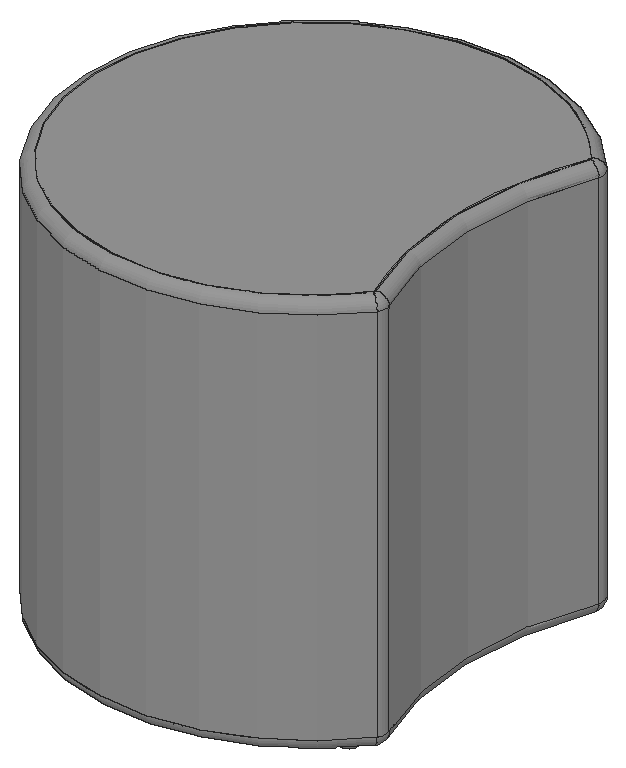
Revit family "30BSG Petal - Glides", category Generic Models, Revit 2018
Family settings
  Can host rebar = No
  Round Connector Dimension = Use Diameter
  Part Type = Normal
  Work Plane-Based = No
  Always vertical = Yes
  Cut with Voids When Loaded = No
  Shared = No
  Room Calculation Point = No
Parameters
  Fabric = 30BSG Petal Fabric
Reference planes (in)
  plane 1 "Center (Front/Back)": y = 0
  plane 2: z = 0
  plane 3 "Center (Left/Right)": x = 0
Forms (in)
  Extrusion 1, solid, material "30BSG Petal Fabric" <- "Fabric"
    sketch origin (0, 0.02336, 0) x (1, 0, 0) y (0, 1, 0)
      loop
        arc (7.67523, 5.90251) -> (-9.25183, -0.02336) -> (7.67523, -5.94924) r 9.5008
        arc (7.67523, -5.94924) -> (6.49651, -0.02336) -> (7.67523, 5.90251) r 15.48521
    from 0.375 to 18
  Sweep 2, solid, material "30BSG Petal Fabric" <- "Fabric"
    path origin (0, 0.02336, 0) x (1, 0, 0) y (0, 1, 0)
      loop
        arc (7.65869, -5.90915) -> (6.49651, -0.02336) -> (7.65869, 5.86242) r 15.48521
        arc (7.65869, 5.86242) -> (7.66128, 5.89927) -> (7.64971, 5.93435) r 0.09553
        arc (7.64971, 5.93435) -> (-9.25183, -0.02336) -> (7.64971, -5.98108) r 9.5008
        arc (7.64971, -5.98108) -> (7.66128, -5.946) -> (7.65869, -5.90915) r 0.09553
    profile origin (6.49651, 0, 0) x (-1, 0, 0) y (0, 0, 1)
      loop
        arc (0, 18.00122) -> (-0.35441, 17.85441) -> (-0.50122, 17.5) r 0.50122
        line (-0.50122, 17.5) -> (-0.50122, 0.875)
        arc (-0.50122, 0.875) -> (-0.35441, 0.52059) -> (0, 0.37378) r 0.50122
        line (0, 0.37378) -> (0, 18.00122)
  Revolve 3, solid, material "30BSG Glides"
    sketch origin (0, -5.99367, 0) x (1, 0, 0) y (0, 0, 1)
      loop
        line (6.62483, 0.37378) -> (6.62483, 0) -> (6.87483, 0)
        arc (6.87483, 0) -> (7.05161, 0.07322) -> (7.12483, 0.25) r 0.25
        line (7.12483, 0.25) -> (7.12483, 0.37378) -> (6.62483, 0.37378)
      axis (6.62483, 0) -> (6.62483, 0.37378)
    angle from 0 to 360
  Revolve 4, solid, material "30BSG Glides"
    sketch origin (0, 5.99367, 0) x (1, 0, 0) y (0, 0, -1)
      loop
        line (6.62483, -0.37378) -> (7.12483, -0.37378) -> (7.12483, -0.25)
        arc (7.12483, -0.25) -> (7.05161, -0.07322) -> (6.87483, 0) r 0.25
        line (6.87483, 0) -> (6.62483, 0) -> (6.62483, -0.37378)
      axis (6.62483, 0) -> (6.62483, -0.37378)
    angle from 0 to 360
  Revolve 5, solid, material "30BSG Glides"
    sketch origin (-13.55553, 5, 0) x (1, 0, 0) y (0, 0, -1)
      loop
        line (6.62483, -0.37378) -> (7.12483, -0.37378) -> (7.12483, -0.25)
        arc (7.12483, -0.25) -> (7.05161, -0.07322) -> (6.87483, 0) r 0.25
        line (6.87483, 0) -> (6.62483, 0) -> (6.62483, -0.37378)
      axis (6.62483, 0) -> (6.62483, -0.37378)
    angle from 0 to 360
  Revolve 6, solid, material "30BSG Glides"
    sketch origin (-13.55553, -5, 0) x (1, 0, 0) y (0, 0, -1)
      loop
        line (6.62483, -0.37378) -> (7.12483, -0.37378) -> (7.12483, -0.25)
        arc (7.12483, -0.25) -> (7.05161, -0.07322) -> (6.87483, 0) r 0.25
        line (6.87483, 0) -> (6.62483, 0) -> (6.62483, -0.37378)
      axis (6.62483, 0) -> (6.62483, -0.37378)
    angle from 0 to 360
Dimensions and locks (in)
  aligned and locked: plane 2 to level
